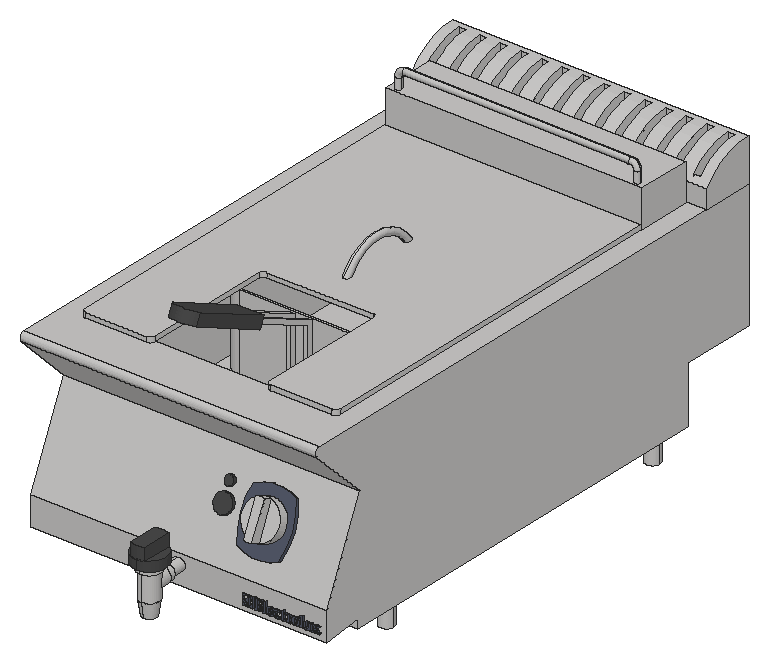
Revit family "QF_ELECTROLUXPROFESSIONAL_371079_E7FRED1E00", category Specialty Equipment, Revit 2018
Family settings
  Round Connector Dimension = Use Diameter
  Part Type = Normal
  Work Plane-Based = No
  Always vertical = Yes
  Cut with Voids When Loaded = No
  Shared = No
  Room Calculation Point = No
Parameters
  Width = 400 mm  # constant formula
  Weight in Pounds = 55  # constant formula
  Watts = 8700 VA  # 8700 W
  Volts = 400 V  # constant formula
  URL Cutsheet = "www.electrolux.com/foodservice"
  URL = "www.electrolux.com/foodservice"
  Type Mark [instance] = ""
  Status [instance] = ""
  Specification by User [instance] = ""
  Specification by Manufacturer = ""
  Show Logo [instance] = yes
  Show Clearance [instance] = yes
  Serial Number = ""
  Seismic Rating = ""
  SMACNA No = ""
  Revision Code [instance] = ""
  Phase = 3  # constant formula
  Omniclass Number and Title = ""
  Number of Poles [instance] = 1
  NAFEM Spec ID Number = ""
  Model = "371079"
  Min Ckt Ampacity = 0 A
  Max Overcurrent Protection = 0 A
  Masterspec = ""
  Manufacturer = "ELECTROLUX"
  Item Number [instance] = ""
  Installed By [instance] = ""
  Identify Quantity as Lot [instance] = yes
  Height = 333 mm  # constant formula
  HP = "11.7 HP"
  Furnished By [instance] = ""
  Foodservice Equipment Identifier [instance] = yes
  FL Amps = if(Phase = 3, Watts / (Volts * 1.73), Watts / Volts)  # 12.5723 A
  Electrical Remarks [instance] = "400 V/3N ph/50/60 Hz"  # constant formula
  Electric Connection Type [instance] = ""
  Elec Conn RI Height [instance] = 0 mm
  Elec Conn Connection Height [instance] = 0 mm
  Direct Waste Size = 0"
  Description = "700XP Electric Fryer Tops"
  Depth = 730 mm  # constant formula
  Cycle [instance] = if([60 Hertz Option], 60 Hz, 50 Hz)  # 60 Hz
  Conn Plug = ""
  Conn Conduit = yes
  CSI MasterFormat = ""
  CSI Master Format = ""
  Base Height [instance] = 25.4 mm  # constant formula
  Apparent Power = if(Phase = 3, Volts * FL Amps * 1.73, Volts * FL Amps)  # 8700 VA
  60 Hertz Option [instance] = not([50 Hertz Option])  # yes
  50 Hertz Option [instance] = no
Reference planes
  plane 1 "BACK": y = 0
  plane 2: z = 0
  plane 3 "LEFT": x = 0
  plane 4 "RIGHT": x = 400
  plane 5 "FRONT": y = -730
  plane 6 "TOP": z = 333
  plane 7 "Center Y": x = 200
  plane 8 "Center X": y = -365
  plane 9 "BASE": z = 25.4
  plane 10 "TOP A": z = 274.638
  plane 11: y = -597.884
  plane 12: y = -147.637
Forms (mm)
  Extrusion 1, solid, material "QF_Finishes_Stainless Steel"
    sketch origin (0, 0, 0) x (0, 1, 0) y (0, 0, 1)
      loop
        line (0, 274.638) -> (-725.027, 274.638)
        arc (-725.027, 274.638) -> (-730.893, 270.718) -> (-729.517, 263.797) r 6.35
        line (-729.517, 263.797) -> (-657.416, 191.447) -> (-713.522, 70.59) -> (-713.522, 32.49) -> (-660.4, 38.1) -> (-660.4, 25.4) -> (-101.6, 25.4) -> (-101.6, 103.188) -> (0, 103.188) -> (0, 274.638)
    from 0 to 400
  Extrusion 2, solid, material "QF_Finishes_Stainless Steel"
    sketch origin (0, 0, 0) x (0, 1, 0) y (0, 0, 1)
      loop
        line (0, 274.638) -> (0, 333)
        arc (0, 333) -> (-38.795, 324.72) -> (-69.85, 300.038) r 86.758
        line (-69.85, 300.038) -> (-69.85, 274.638) -> (0, 274.638)
    from 0 to 400
  Extrusion 3, void
    sketch origin (0, 0, 274.638) x (-1, 0, 0) y (0, -1, 0)
      loop
        line (-33.338, 147.762) -> (-33.338, 655.762) -> (-366.662, 655.762) -> (-366.662, 147.762) -> (-33.338, 147.762)
    from 0 to -152.4
  Extrusion 4, solid, material "QF_Finishes_Stainless Steel"
    sketch origin (0, 0, 274.638) x (-1, 0, 0) y (0, -1, 0)
      loop
        arc (-26.988, 655.762) -> (-28.847, 660.252) -> (-33.338, 662.112) r 6.35
        line (-33.338, 662.112) -> (-115.863, 662.112)
        arc (-115.863, 662.112) -> (-120.353, 660.252) -> (-122.213, 655.762) r 6.35
        line (-122.213, 655.762) -> (-122.213, 481.137)
        arc (-122.213, 481.137) -> (-124.072, 476.646) -> (-128.563, 474.787) r 6.35
        line (-128.563, 474.787) -> (-271.412, 474.787)
        arc (-271.412, 474.787) -> (-275.903, 476.646) -> (-277.762, 481.137) r 6.35
        line (-277.762, 481.137) -> (-277.762, 655.762)
        arc (-277.762, 655.762) -> (-279.622, 660.252) -> (-284.112, 662.112) r 6.35
        line (-284.112, 662.112) -> (-366.662, 662.112)
        arc (-366.662, 662.112) -> (-371.153, 660.252) -> (-373.012, 655.762) r 6.35
        line (-373.012, 655.762) -> (-373.012, 147.762) -> (-26.988, 147.762) -> (-26.988, 655.762)
    from 0 to 6.35
  Sweep 5, solid, material "QF_Finishes_Stainless Steel"
    path origin (200, 0, 0) x (0, 1, 0) y (0, 0, 1)
      loop
        arc (-323.261, 274.638) -> (-377.7, 308.416) -> (-432.139, 274.638) r 60.757
    profile origin (200, -377.7, 308.416) x (0, 0, -1) y (1, 0, 0)
      loop
        circle (0, 0) r 4.353
  Sweep 6, solid, material "QF_Finishes_Stainless Steel"
    path origin (0, 0, 0) x (1, 0, 0) y (0, 0, 1)
      loop
        line (39.688, 324.638) -> (39.688, 339.35)
        arc (39.688, 339.35) -> (41.547, 343.84) -> (46.038, 345.7) r 6.35
        line (46.038, 345.7) -> (352.25, 345.7)
        arc (352.25, 345.7) -> (356.74, 343.84) -> (358.6, 339.35) r 6.35
        line (358.6, 339.35) -> (358.6, 324.638)
    profile origin (39.688, 0, 331.994) x (-1, 0, 0) y (0, -1, 0)
      loop
        circle (2.09, 138.254) r 3.827
  Extrusion 7, void
    sketch origin (0, 0, 274.638) x (-1, 0, 0) y (0, -1, 0)
      loop
        line (-13.453, 6.761) -> (-13.453, 63.911) -> (-22.749, 63.911) -> (-22.749, 6.761) -> (-13.453, 6.761)
    from 25.4 to 63.5
  Extrusion 8, void
    sketch origin (400.05, 0, 274.638) x (1, 0, 0) y (0, 1, 0)
      loop
        line (-13.503, -6.761) -> (-22.799, -6.761) -> (-22.799, -63.911) -> (-13.503, -63.911) -> (-13.503, -6.761)
    from 25.4 to 63.5
  Extrusion 9, void
    sketch origin (27.988, 0, 274.638) x (-1, 0, 0) y (0, -1, 0)
      loop
        line (-13.453, 6.761) -> (-13.453, 63.911) -> (-22.749, 63.911) -> (-22.749, 6.761) -> (-13.453, 6.761)
    from 25.4 to 63.5
  Extrusion 10, void
    sketch origin (55.977, 0, 274.638) x (-1, 0, 0) y (0, -1, 0)
      loop
        line (-13.453, 6.761) -> (-13.453, 63.911) -> (-22.749, 63.911) -> (-22.749, 6.761) -> (-13.453, 6.761)
    from 25.4 to 63.5
  Extrusion 11, void
    sketch origin (83.965, 0, 274.638) x (-1, 0, 0) y (0, -1, 0)
      loop
        line (-13.428, 6.761) -> (-13.428, 63.911) -> (-22.724, 63.911) -> (-22.724, 6.761) -> (-13.428, 6.761)
    from 25.4 to 63.5
  Extrusion 12, void
    sketch origin (111.953, 0, 274.638) x (-1, 0, 0) y (0, -1, 0)
      loop
        line (-13.428, 6.761) -> (-13.428, 63.911) -> (-22.724, 63.911) -> (-22.724, 6.761) -> (-13.428, 6.761)
    from 25.4 to 63.5
  Extrusion 13, void
    sketch origin (139.942, 0, 274.638) x (-1, 0, 0) y (0, -1, 0)
      loop
        line (-13.428, 6.761) -> (-13.428, 63.911) -> (-22.724, 63.911) -> (-22.724, 6.761) -> (-13.428, 6.761)
    from 25.4 to 63.5
  Extrusion 14, void
    sketch origin (167.93, 0, 274.638) x (-1, 0, 0) y (0, -1, 0)
      loop
        line (-13.428, 6.761) -> (-13.428, 63.911) -> (-22.724, 63.911) -> (-22.724, 6.761) -> (-13.428, 6.761)
    from 25.4 to 63.5
  Extrusion 15, void
    sketch origin (195.918, 0, 274.638) x (-1, 0, 0) y (0, -1, 0)
      loop
        line (-13.428, 6.761) -> (-13.428, 63.911) -> (-22.724, 63.911) -> (-22.724, 6.761) -> (-13.428, 6.761)
    from 25.4 to 63.5
  Extrusion 16, void
    sketch origin (223.907, 0, 274.638) x (-1, 0, 0) y (0, -1, 0)
      loop
        line (-13.428, 6.761) -> (-13.428, 63.911) -> (-22.724, 63.911) -> (-22.724, 6.761) -> (-13.428, 6.761)
    from 25.4 to 63.5
  Extrusion 17, void
    sketch origin (251.895, 0, 274.638) x (-1, 0, 0) y (0, -1, 0)
      loop
        line (-13.428, 6.761) -> (-13.428, 63.911) -> (-22.724, 63.911) -> (-22.724, 6.761) -> (-13.428, 6.761)
    from 25.4 to 63.5
  Extrusion 18, void
    sketch origin (279.884, 0, 274.638) x (-1, 0, 0) y (0, -1, 0)
      loop
        line (-13.403, 6.761) -> (-13.403, 63.911) -> (-22.699, 63.911) -> (-22.699, 6.761) -> (-13.403, 6.761)
    from 25.4 to 63.5
  Extrusion 19, void
    sketch origin (307.872, 0, 274.638) x (-1, 0, 0) y (0, -1, 0)
      loop
        line (-13.403, 6.761) -> (-13.403, 63.911) -> (-22.699, 63.911) -> (-22.699, 6.761) -> (-13.403, 6.761)
    from 25.4 to 63.5
  Extrusion 20, void
    sketch origin (335.86, 0, 274.638) x (-1, 0, 0) y (0, -1, 0)
      loop
        line (-13.403, 6.761) -> (-13.403, 63.911) -> (-22.699, 63.911) -> (-22.699, 6.761) -> (-13.403, 6.761)
    from 25.4 to 63.5
  Extrusion 21, solid, material "QF_Finishes_Stainless Steel"
    sketch origin (0, 0, 0) x (1, 0, 0) y (0, 1, 0)
      loop
        circle (11.112, -147.638) r 9.525
      loop
        circle (11.112, -597.884) r 9.525
      loop
        circle (388.887, -147.638) r 9.525
      loop
        circle (388.887, -597.884) r 9.525
    from 0 to 25.4
  Revolve 22, solid, material "QF_Finishes_Stainless Steel"
    sketch origin (200.025, 0, 0) x (0, 1, 0) y (0, 0, 1)
      loop
        line (-762.926, 17.277) -> (-753.917, 17.277) -> (-750.301, 37.788) -> (-750.301, 74.129) -> (-747.023, 74.129) -> (-747.023, 82.008) -> (-740.673, 82.008) -> (-740.673, 94.708) -> (-762.926, 94.708) -> (-762.926, 17.277)
      axis (-762.926, 17.277) -> (-762.926, 94.708)
    angle from 0 to 360
  Revolve 23, solid, material "QF_Finishes_Stainless Steel"
    sketch origin (200.025, 0, 0) x (0, 1, 0) y (0, 0, 1)
      loop
        line (-713.522, 57.15) -> (-764.322, 57.15) -> (-764.322, 44.847) -> (-742.357, 44.847) -> (-742.357, 46.549) -> (-733.364, 46.549) -> (-733.364, 48.596) -> (-713.522, 48.596) -> (-713.522, 57.15)
      axis (-764.322, 57.15) -> (-713.522, 57.15)
    angle from 0 to 360
  Extrusion 24, solid, material "QF_Finishes_Black"
    sketch origin (200.025, -762.926, 94.708) x (0, 1, 0) y (-1, 0, 0)
      loop
        line (20.063, 9.626) -> (-20.063, 9.626)
        arc (-20.063, 9.626) -> (-22.253, 0) -> (-20.063, -9.626) r 22.253
        line (-20.063, -9.626) -> (20.063, -9.626)
        arc (20.063, -9.626) -> (22.253, 0) -> (20.063, 9.626) r 22.253
    from 0 to 16.412
  Extrusion 25, solid, material "QF_Finishes_Stainless Steel"
    sketch origin (0, -101.6, 103.188) x (0, 0, -1) y (-1, 0, 0)
      loop
        circle (43.882, -336.5) r 12.7
    from 0 to 12.7
  Extrusion 26, solid, material "QF_Finishes_Clearance", visible <- "Show Clearance", detail levels coarse
    sketch origin (0, 0, 0) x (1, 0, 0) y (0, 1, 0)
      loop
        line (0, -731.377) -> (0, 0) -> (400, 0) -> (400, -731.377) -> (550.019, -731.377) -> (550.019, 150.019) -> (-150.019, 150.019) -> (-150.019, -731.377) -> (0, -731.377)
    from 0 to 333
  Extrusion 27, solid, material "QF_Finishes_Black"
    sketch origin (265.962, -708.83, 366.66) x (0, 0.906308, -0.422618) y (-1, 0, 0)
      loop
        line (10.103, 47.345) -> (128.716, 47.345) -> (128.716, 84.58) -> (10.103, 84.58)
        arc (10.103, 84.58) -> (-0.124, 65.962) -> (10.103, 47.345) r 22.059
    from -15.884 to 0
  Extrusion 28, solid, material "QF_Finishes_Stainless Steel"
    sketch origin (265.962, 41.275, 0) x (0, 1, 0) y (0, 0, 1)
      loop
        line (-547.91, 165.638) -> (-547.91, 267.115) -> (-635.463, 307.942) -> (-638.147, 302.187) -> (-554.26, 263.07) -> (-554.26, 165.638) -> (-547.91, 165.638)
    from -80.476 to -74.619
  Extrusion 29, solid, material "QF_Finishes_Stainless Steel"
    sketch origin (134.088, 41.275, 0) x (0, 1, 0) y (0, 0, -1)
      loop
        line (-554.26, -263.07) -> (-638.147, -302.187) -> (-635.463, -307.942) -> (-547.91, -267.115) -> (-547.91, -165.638) -> (-554.26, -165.638) -> (-554.26, -263.07)
    from -80.476 to -74.619
  Extrusion 30, solid, material "QF_Finishes_Mesh"
    sketch origin (0, 0, 274.638) x (-1, 0, 0) y (0, -1, 0)
      loop
        arc (-116.6, 189.135) -> (-98.64, 196.575) -> (-91.2, 214.535) r 25.4
        line (-91.2, 214.535) -> (-91.2, 481.11)
        arc (-91.2, 481.11) -> (-98.64, 499.071) -> (-116.6, 506.51) r 25.4
        line (-116.6, 506.51) -> (-294.375, 506.51)
        arc (-294.375, 506.51) -> (-312.336, 499.071) -> (-319.775, 481.11) r 25.4
        line (-319.775, 481.11) -> (-319.775, 214.535)
        arc (-319.775, 214.535) -> (-312.336, 196.575) -> (-294.375, 189.135) r 25.4
        line (-294.375, 189.135) -> (-116.6, 189.135)
      loop
        arc (-116.6, 192.31) -> (-100.885, 198.82) -> (-94.375, 214.535) r 22.225
        line (-94.375, 214.535) -> (-94.375, 481.11)
        arc (-94.375, 481.11) -> (-100.885, 496.826) -> (-116.6, 503.335) r 22.225
        line (-116.6, 503.335) -> (-294.375, 503.335)
        arc (-294.375, 503.335) -> (-310.091, 496.826) -> (-316.6, 481.11) r 22.225
        line (-316.6, 481.11) -> (-316.6, 214.535)
        arc (-316.6, 214.535) -> (-310.091, 198.82) -> (-294.375, 192.31) r 22.225
        line (-294.375, 192.31) -> (-116.6, 192.31)
    from -109 to -5.315
  Extrusion 31, solid, material "QF_Finishes_Navy Blue", visible <- "Show Logo"
    sketch origin (0, -713.772, 32.49) x (0, 0, 1) y (-1, 0, 0)
      loop
        line (20.674, -296.698) -> (8.307, -296.698)
        arc (8.307, -296.698) -> (14.491, -301.27) -> (20.674, -296.698) r 6.467
      loop
        arc (20.674, -296.069) -> (19.505, -290.926) -> (14.849, -288.448) r 6.338
        line (14.849, -288.448) -> (14.849, -290.494)
        arc (14.849, -290.494) -> (16.333, -294.149) -> (19.778, -296.069) r 5.941
        line (19.778, -296.069) -> (20.674, -296.069)
      loop
        arc (9.203, -296.069) -> (12.648, -294.149) -> (14.132, -290.494) r 5.941
        line (14.132, -290.494) -> (14.132, -288.448)
        arc (14.132, -288.448) -> (9.438, -290.922) -> (8.148, -296.069) r 6.504
        line (8.148, -296.069) -> (9.203, -296.069)
      loop
        line (21.349, -287.979) -> (7.604, -287.979) -> (7.604, -301.742) -> (21.349, -301.742) -> (21.349, -287.979)
      loop
        arc (21.432, -304.71) -> (21.085, -304.352) -> (20.718, -304.69) r 0.358
        arc (20.718, -304.69) -> (20.404, -305.44) -> (19.687, -305.825) r 1.216
        line (19.687, -305.825) -> (9.274, -305.825)
        arc (9.274, -305.825) -> (8.614, -305.548) -> (8.218, -304.951) r 1.238
        arc (8.218, -304.951) -> (7.823, -304.7) -> (7.518, -305.054) r 0.358
        line (7.518, -305.054) -> (7.518, -314.933) -> (10.269, -314.933) -> (10.269, -314.036)
        arc (10.269, -314.036) -> (9.36, -313.456) -> (8.904, -312.479) r 1.928
        line (8.904, -312.479) -> (8.904, -309.98)
        arc (8.904, -309.98) -> (9.18, -309.251) -> (9.868, -308.887) r 1.101
        line (9.868, -308.887) -> (13.955, -308.887) -> (13.955, -312.561)
        arc (13.955, -312.561) -> (13.602, -313.058) -> (13.037, -313.286) r 1.083
        arc (13.037, -313.286) -> (12.773, -313.591) -> (13.065, -313.869) r 0.292
        line (13.065, -313.869) -> (16.028, -313.869)
        arc (16.028, -313.869) -> (16.33, -313.596) -> (16.092, -313.266) r 0.305
        arc (16.092, -313.266) -> (15.601, -313.018) -> (15.296, -312.561) r 1.083
        line (15.296, -312.561) -> (15.296, -308.887) -> (19.973, -308.887) -> (19.973, -312.635)
        arc (19.973, -312.635) -> (19.759, -313.39) -> (19.153, -313.888) r 1.314
        arc (19.153, -313.888) -> (18.934, -314.292) -> (19.288, -314.585) r 0.361
        line (19.288, -314.585) -> (21.432, -314.585) -> (21.432, -304.71)
      loop
        arc (20.715, -315.365) -> (20.335, -316.284) -> (19.416, -316.664) r 1.299
        line (19.416, -316.664) -> (9.837, -316.664)
        arc (9.837, -316.664) -> (8.999, -316.286) -> (8.728, -315.408) r 1.118
        line (8.728, -315.408) -> (7.518, -315.408) -> (7.518, -320.758) -> (8.706, -320.758)
        arc (8.706, -320.758) -> (8.978, -319.841) -> (9.848, -319.445) r 1.153
        line (9.848, -319.445) -> (21.92, -319.445) -> (20.715, -315.365)
      loop
        line (12.483, -323.394) -> (12.483, -329.842) -> (13.282, -329.842)
        arc (13.282, -329.842) -> (15.862, -328.857) -> (17.131, -326.404) r 3.874
        line (17.131, -326.404) -> (17.131, -324.643)
        arc (17.131, -324.643) -> (15.944, -321.778) -> (13.08, -320.592) r 4.051
        line (13.08, -320.592) -> (11.072, -320.592)
        arc (11.072, -320.592) -> (8.253, -322.077) -> (7.202, -325.084) r 4.352
        arc (7.202, -325.084) -> (7.566, -327.547) -> (8.943, -329.621) r 5.713
        line (8.943, -329.621) -> (9.892, -329.621)
        arc (9.892, -329.621) -> (9.16, -328.052) -> (8.943, -326.334) r 5.579
        arc (8.943, -326.334) -> (9.737, -324.371) -> (11.616, -323.394) r 3.057
        line (11.616, -323.394) -> (12.483, -323.394)
      loop
        line (13.742, -323.394) -> (13.742, -326.977)
        arc (13.742, -326.977) -> (15.199, -327.024) -> (16.082, -325.864) r 1.59
        line (16.082, -325.864) -> (16.082, -325.034)
        arc (16.082, -325.034) -> (15.217, -323.779) -> (13.742, -323.394) r 2.184
      loop
        arc (16.533, -339.259) -> (17.022, -337.585) -> (17.179, -335.848) r 9.023
        line (17.179, -335.848) -> (17.179, -334.486)
        arc (17.179, -334.486) -> (16.02, -331.686) -> (13.22, -330.527) r 3.959
        line (13.22, -330.527) -> (10.62, -330.527)
        arc (10.62, -330.527) -> (8.338, -331.819) -> (7.221, -334.192) r 4.331
        line (7.221, -334.192) -> (7.221, -336.327)
        arc (7.221, -336.327) -> (7.729, -337.877) -> (8.651, -339.223) r 5.772
        arc (8.651, -339.223) -> (9.412, -339.274) -> (9.499, -338.515) r 0.553
        arc (9.499, -338.515) -> (9.111, -337.781) -> (8.977, -336.962) r 2.573
        line (8.977, -336.962) -> (8.977, -335.447)
        arc (8.977, -335.447) -> (9.983, -333.806) -> (11.798, -333.163) r 2.884
        line (11.798, -333.163) -> (13.077, -333.163)
        arc (13.077, -333.163) -> (14.898, -333.723) -> (15.824, -335.388) r 2.554
        line (15.824, -335.388) -> (15.824, -336.441)
        arc (15.824, -336.441) -> (15.493, -337.369) -> (14.836, -338.104) r 2.564
        arc (14.836, -338.104) -> (14.614, -338.821) -> (15.223, -339.259) r 0.643
        line (15.223, -339.259) -> (16.533, -339.259)
      loop
        line (15.515, -339.53) -> (15.515, -341.031) -> (9.467, -341.031)
        arc (9.467, -341.031) -> (7.879, -341.688) -> (7.221, -343.276) r 2.246
        line (7.221, -343.276) -> (7.221, -344.86)
        arc (7.221, -344.86) -> (7.535, -345.725) -> (8.035, -346.496) r 4.06
        arc (8.035, -346.496) -> (8.768, -346.629) -> (9.019, -345.928) r 0.576
        arc (9.019, -345.928) -> (8.913, -345.403) -> (8.977, -344.87) r 1.69
        arc (8.977, -344.87) -> (9.519, -344.082) -> (10.425, -343.779) r 1.506
        line (10.425, -343.779) -> (15.563, -343.779) -> (15.563, -346.176) -> (16.119, -346.733) -> (16.941, -346.733) -> (16.941, -343.873) -> (20.172, -343.873) -> (15.515, -339.53)
      loop
        line (7.438, -347.63) -> (7.438, -353.017) -> (8.548, -353.017)
        arc (8.548, -353.017) -> (8.942, -352.066) -> (9.893, -351.672) r 1.345
        line (9.893, -351.672) -> (13.509, -351.672)
        arc (13.509, -351.672) -> (14.274, -352.264) -> (14.564, -353.186) r 1.615
        line (14.564, -353.186) -> (14.564, -354.742) -> (17.119, -355.427) -> (17.119, -354.044) -> (15.177, -351.485) -> (17.057, -351.485) -> (16.773, -348.779)
        arc (16.773, -348.779) -> (16.333, -348.249) -> (15.674, -348.45) r 0.621
        arc (15.674, -348.45) -> (15.274, -348.792) -> (14.78, -348.975) r 1.501
        line (14.78, -348.975) -> (9.893, -348.975)
        arc (9.893, -348.975) -> (8.942, -348.581) -> (8.548, -347.63) r 1.345
        line (8.548, -347.63) -> (7.438, -347.63)
      loop
        line (13.54, -354.964) -> (10.848, -354.964)
        arc (10.848, -354.964) -> (8.403, -356.272) -> (7.269, -358.803) r 4.288
        arc (7.269, -358.803) -> (7.205, -360.183) -> (7.269, -361.563) r 15.022
        arc (7.269, -361.563) -> (8.403, -364.094) -> (10.848, -365.401) r 4.288
        line (10.848, -365.401) -> (13.54, -365.401)
        arc (13.54, -365.401) -> (15.986, -364.094) -> (17.119, -361.563) r 4.288
        arc (17.119, -361.563) -> (17.183, -360.183) -> (17.119, -358.803) r 15.022
        arc (17.119, -358.803) -> (15.986, -356.272) -> (13.54, -354.964) r 4.288
      loop
        line (13.745, -358.078) -> (10.643, -358.078)
        arc (10.643, -358.078) -> (8.486, -360.235) -> (10.643, -362.392) r 2.157
        line (10.643, -362.392) -> (13.745, -362.392)
        arc (13.745, -362.392) -> (15.902, -360.235) -> (13.745, -358.078) r 2.157
      loop
        arc (20.726, -365.26) -> (20.355, -366.154) -> (19.461, -366.524) r 1.264
        line (19.461, -366.524) -> (9.597, -366.524)
        arc (9.597, -366.524) -> (8.727, -366.127) -> (8.455, -365.211) r 1.153
        line (8.455, -365.211) -> (7.518, -365.211) -> (7.518, -370.319) -> (8.446, -370.319)
        arc (8.446, -370.319) -> (8.805, -369.547) -> (9.597, -369.232) r 1.153
        line (9.597, -369.232) -> (21.92, -369.232) -> (20.726, -365.26)
      loop
        arc (15.846, -369.857) -> (15.647, -370.921) -> (14.678, -371.403) r 1.215
        line (14.678, -371.403) -> (9.658, -371.403)
        arc (9.658, -371.403) -> (8.043, -372.051) -> (7.322, -373.634) r 2.338
        line (7.322, -373.634) -> (7.322, -375.148)
        arc (7.322, -375.148) -> (7.497, -376.152) -> (7.999, -377.038) r 2.979
        line (7.999, -377.038) -> (7.518, -378.835) -> (7.518, -380.524) -> (16.943, -380.524) -> (16.649, -376.32) -> (15.863, -376.32)
        arc (15.863, -376.32) -> (15.507, -377.156) -> (14.755, -377.665) r 1.605
        line (14.755, -377.665) -> (9.652, -377.665)
        arc (9.652, -377.665) -> (9.232, -376.728) -> (9.159, -375.704) r 2.94
        arc (9.159, -375.704) -> (9.72, -374.603) -> (10.873, -374.16) r 1.724
        line (10.873, -374.16) -> (17.07, -374.16) -> (15.846, -369.857)
      loop
        line (16.874, -381.377) -> (15.202, -383.423) -> (12.028, -385.729) -> (8.572, -382.617)
        arc (8.572, -382.617) -> (8.335, -382.223) -> (8.357, -381.764) r 0.789
        line (8.357, -381.764) -> (7.518, -381.764) -> (7.518, -385.309) -> (8.344, -385.309)
        arc (8.344, -385.309) -> (8.686, -384.947) -> (9.176, -385.039) r 0.52
        line (9.176, -385.039) -> (10.976, -386.51) -> (8.858, -387.886)
        arc (8.858, -387.886) -> (8.457, -387.576) -> (8.37, -387.076) r 0.7
        line (8.37, -387.076) -> (7.518, -387.076) -> (7.518, -393.003) -> (8.405, -393.003)
        arc (8.405, -393.003) -> (8.472, -392.344) -> (8.866, -391.813) r 1.247
        line (8.866, -391.813) -> (13.066, -388.532) -> (15.513, -390.585) -> (16.874, -392.327) -> (16.874, -388.604) -> (15.389, -389.026) -> (13.868, -387.749) -> (15.568, -386.559) -> (16.874, -387.336) -> (16.874, -381.377)
    from 0 to 1.644
  Extrusion 32, solid, material "QF_Finishes_Navy Blue"
    sketch origin (460.325, -713.522, 70.59) x (0, 0.421077, 0.907025) y (-1, 0, 0)
      loop
        arc (101.077, 132.565) -> (107.792, 161.14) -> (101.077, 189.715) r 64.16
        arc (101.077, 189.715) -> (66.2, 196.736) -> (31.333, 189.671) r 89.853
        arc (31.333, 189.671) -> (24.638, 161.14) -> (31.333, 132.61) r 64.14
        arc (31.333, 132.61) -> (66.2, 125.548) -> (101.077, 132.565) r 89.894
    from 0 to 3.175
  Extrusion 33, solid, material "QF_Finishes_Stainless Steel"
    sketch origin (460.325, -716.402, 71.927) x (0, 0.421077, 0.907025) y (-1, 0, 0)
      loop
        circle (68.826, 160.963) r 25.4
    from 0 to 12.7
  Extrusion 34, solid, material "QF_Finishes_Stainless Steel"
    sketch origin (460.325, -727.921, 77.275) x (0, 0.421077, 0.907025) y (-1, 0, 0)
      loop
        line (93.558, 166.749) -> (44.094, 166.749)
        arc (44.094, 166.749) -> (43.426, 160.963) -> (44.094, 155.177) r 25.4
        line (44.094, 155.177) -> (93.558, 155.177)
        arc (93.558, 155.177) -> (94.226, 160.963) -> (93.558, 166.749) r 25.4
    from 0 to 12.7
  Extrusion 35, solid, material "QF_Finishes_Black"
    sketch origin (400, -713.522, 70.59) x (0, 0.421077, 0.907025) y (-1, 0, 0)
      loop
        circle (93.566, 160.648) r 6.35
    from 0 to 3.175
  Extrusion 36, solid, material "QF_Finishes_Black"
    sketch origin (400, -713.522, 70.59) x (0, 0.421077, 0.907025) y (-1, 0, 0)
      loop
        circle (68.272, 160.648) r 12.7
    from 0 to 3.175
  Extrusion 37, solid, material "QF_Finishes_Stainless Steel"
    sketch origin (0, -713.522, 32.49) x (0, 0, 1) y (-1, 0, 0)
      loop
        line (242.147, -26.988) -> (242.147, -373.012) -> (292.147, -373.012) -> (292.147, -26.988) -> (242.147, -26.988)
    from -641.266 to -567.467
Cuts and joins
  Extrusion 3, Extrusion 7 cuts Extrusion 1
  joined: Extrusion 4, Sweep 5
  Extrusion 7, Extrusion 8, Extrusion 9, Extrusion 10, Extrusion 11, Extrusion 12, Extrusion 13, Extrusion 14, Extrusion 15, Extrusion 16, Extrusion 17, Extrusion 18, Extrusion 19, Extrusion 20 cuts Extrusion 2
Lines and regions (mm)
  symbolic lines, style "QF-Clearances", visible <- "Show Clearance", detail levels coarse
    curve 1: line (-150.019, 150.019, 274.638) -> (-150.019, -731.377, 274.638)
    curve 2: line (550.019, 150.019, 274.638) -> (-150.019, 150.019, 274.638)
    curve 3: line (550.019, -731.377, 274.638) -> (550.019, 150.019, 274.638)
  symbolic lines
    curve 4: line (0, 0, 274.638) -> (400, 0, 274.638)
    curve 5: line (0, -730, 274.638) -> (0, 0, 274.638)
    curve 6: line (400, 0, 274.638) -> (400, -730, 274.638)
    curve 7: line (22.724, -6.761, 274.638) -> (22.724, -63.911, 274.638)
    curve 8: line (22.724, -63.911, 274.638) -> (13.428, -63.911, 274.638)
    curve 9: line (13.428, -63.911, 274.638) -> (13.428, -6.761, 274.638)
    curve 10: line (13.428, -6.761, 274.638) -> (22.724, -6.761, 274.638)
    curve 11: line (386.547, -6.761, 274.638) -> (386.547, -63.911, 274.638)
    curve 12: line (386.547, -63.911, 274.638) -> (377.251, -63.911, 274.638)
    curve 13: line (377.251, -63.911, 274.638) -> (377.251, -6.761, 274.638)
    curve 14: line (377.251, -6.761, 274.638) -> (386.547, -6.761, 274.638)
    curve 15: line (50.712, -6.761, 274.638) -> (50.712, -63.911, 274.638)
    curve 16: line (50.712, -63.911, 274.638) -> (41.416, -63.911, 274.638)
    curve 17: line (41.416, -63.911, 274.638) -> (41.416, -6.761, 274.638)
    curve 18: line (41.416, -6.761, 274.638) -> (50.712, -6.761, 274.638)
    curve 19: line (78.7, -6.761, 274.638) -> (78.7, -63.911, 274.638)
    curve 20: line (78.7, -63.911, 274.638) -> (69.405, -63.911, 274.638)
    curve 21: line (69.405, -63.911, 274.638) -> (69.405, -6.761, 274.638)
    curve 22: line (69.405, -6.761, 274.638) -> (78.7, -6.761, 274.638)
    curve 23: line (106.689, -6.761, 274.638) -> (106.689, -63.911, 274.638)
    curve 24: line (106.689, -63.911, 274.638) -> (97.393, -63.911, 274.638)
    curve 25: line (97.393, -63.911, 274.638) -> (97.393, -6.761, 274.638)
    curve 26: line (97.393, -6.761, 274.638) -> (106.689, -6.761, 274.638)
    curve 27: line (134.677, -6.761, 274.638) -> (134.677, -63.911, 274.638)
    curve 28: line (134.677, -63.911, 274.638) -> (125.381, -63.911, 274.638)
    curve 29: line (125.381, -63.911, 274.638) -> (125.381, -6.761, 274.638)
    curve 30: line (125.381, -6.761, 274.638) -> (134.677, -6.761, 274.638)
    curve 31: line (162.665, -6.761, 274.638) -> (162.665, -63.911, 274.638)
    curve 32: line (162.665, -63.911, 274.638) -> (153.37, -63.911, 274.638)
    curve 33: line (153.37, -63.911, 274.638) -> (153.37, -6.761, 274.638)
    curve 34: line (153.37, -6.761, 274.638) -> (162.665, -6.761, 274.638)
    curve 35: line (190.654, -6.761, 274.638) -> (190.654, -63.911, 274.638)
    curve 36: line (190.654, -63.911, 274.638) -> (181.358, -63.911, 274.638)
    curve 37: line (181.358, -63.911, 274.638) -> (181.358, -6.761, 274.638)
    curve 38: line (181.358, -6.761, 274.638) -> (190.654, -6.761, 274.638)
    curve 39: line (218.642, -6.761, 274.638) -> (218.642, -63.911, 274.638)
    curve 40: line (218.642, -63.911, 274.638) -> (209.346, -63.911, 274.638)
    curve 41: line (209.346, -63.911, 274.638) -> (209.346, -6.761, 274.638)
    curve 42: line (209.346, -6.761, 274.638) -> (218.642, -6.761, 274.638)
    curve 43: line (246.605, -6.761, 274.638) -> (246.605, -63.911, 274.638)
    curve 44: line (246.605, -63.911, 274.638) -> (237.31, -63.911, 274.638)
    curve 45: line (237.31, -63.911, 274.638) -> (237.31, -6.761, 274.638)
    curve 46: line (237.31, -6.761, 274.638) -> (246.605, -6.761, 274.638)
    curve 47: line (274.594, -6.761, 274.638) -> (274.594, -63.911, 274.638)
    curve 48: line (274.594, -63.911, 274.638) -> (265.298, -63.911, 274.638)
    curve 49: line (265.298, -63.911, 274.638) -> (265.298, -6.761, 274.638)
    curve 50: line (265.298, -6.761, 274.638) -> (274.594, -6.761, 274.638)
    curve 51: line (302.582, -6.761, 274.638) -> (302.582, -63.911, 274.638)
    curve 52: line (302.582, -63.911, 274.638) -> (293.286, -63.911, 274.638)
    curve 53: line (293.286, -63.911, 274.638) -> (293.286, -6.761, 274.638)
    curve 54: line (293.286, -6.761, 274.638) -> (302.582, -6.761, 274.638)
    curve 55: line (330.57, -6.761, 274.638) -> (330.57, -63.911, 274.638)
    curve 56: line (330.57, -63.911, 274.638) -> (321.275, -63.911, 274.638)
    curve 57: line (321.275, -63.911, 274.638) -> (321.275, -6.761, 274.638)
    curve 58: line (321.275, -6.761, 274.638) -> (330.57, -6.761, 274.638)
    curve 59: line (358.559, -6.761, 274.638) -> (358.559, -63.911, 274.638)
    curve 60: line (358.559, -63.911, 274.638) -> (349.263, -63.911, 274.638)
    curve 61: line (349.263, -63.911, 274.638) -> (349.263, -6.761, 274.638)
    curve 62: line (349.263, -6.761, 274.638) -> (358.559, -6.761, 274.638)
    curve 63: line (26.988, -147.762, 274.638) -> (26.988, -655.762, 274.638)
    curve 64: arc (26.988, -655.762, 274.638) -> (28.847, -660.252, 274.638) -> (33.338, -662.112, 274.638) r 6.35
    curve 65: line (33.338, -662.112, 274.638) -> (115.863, -662.112, 274.638)
    curve 66: arc (115.863, -662.112, 274.638) -> (120.353, -660.252, 274.638) -> (122.213, -655.762, 274.638) r 6.35
    curve 67: line (122.213, -655.762, 274.638) -> (122.213, -481.012, 274.638)
    curve 68: arc (122.213, -481.012, 274.638) -> (124.072, -476.521, 274.638) -> (128.563, -474.662, 274.638) r 6.35
    curve 69: line (128.563, -474.662, 274.638) -> (271.412, -474.662, 274.638)
    curve 70: arc (271.412, -474.662, 274.638) -> (275.903, -476.521, 274.638) -> (277.762, -481.012, 274.638) r 6.35
    curve 71: line (277.762, -481.012, 274.638) -> (277.762, -655.762, 274.638)
    curve 72: arc (277.762, -655.762, 274.638) -> (279.622, -660.252, 274.638) -> (284.112, -662.112, 274.638) r 6.35
    curve 73: line (284.112, -662.112, 274.638) -> (366.662, -662.112, 274.638)
    curve 74: arc (366.662, -662.112, 274.638) -> (371.153, -660.252, 274.638) -> (373.012, -655.762, 274.638) r 6.35
    curve 75: line (373.012, -655.762, 274.638) -> (373.012, -147.762, 274.638)
    curve 76: line (373.012, -147.762, 274.638) -> (26.988, -147.762, 274.638)
    curve 77: line (31.725, -69.85, 274.638) -> (0, -69.85, 274.638)
    curve 78: line (0, -69.85, 274.638) -> (0, -120.65, 274.638)
    curve 79: line (0, -69.85, 274.638) -> (400, -69.85, 274.638)
    curve 80: line (218.617, -706.386, 274.638) -> (218.617, -592.174, 274.638)
    curve 81: line (181.383, -592.174, 274.638) -> (181.383, -706.386, 274.638)
    curve 82: line (218.617, -592.174, 274.638) -> (181.383, -592.174, 274.638)
    curve 83: spline (218.617, -706.386, 274.638) -> (216.385, -709.048, 274.638) -> (213.694, -711.336, 274.638) -> (210.621, -713.185, 274.638) -> (207.25, -714.544, 274.638) -> (203.676, -715.375, 274.638) -> (200, -715.655, 274.638) -> (196.324, -715.375, 274.638) -> (192.75, -714.544, 274.638) -> (189.379, -713.185, 274.638) -> (186.306, -711.336, 274.638) -> (183.615, -709.048, 274.638) -> (181.383, -706.386, 274.638)
    curve 84: line (218.617, -655.762, 274.638) -> (277.762, -655.762, 274.638)
    curve 85: line (181.383, -655.762, 274.638) -> (122.213, -655.762, 274.638)
    curve 86: line (191.318, -506.51, 274.638) -> (191.318, -592.174, 274.638)
    curve 87: line (185.462, -592.174, 274.638) -> (185.462, -506.51, 274.638)
    curve 88: line (214.538, -506.51, 274.638) -> (214.538, -592.174, 274.638)
    curve 89: line (208.682, -592.174, 274.638) -> (208.682, -506.51, 274.638)
    curve 90: spline (181.383, -699.673, 274.638) -> (183.615, -702.336, 274.638) -> (186.306, -704.623, 274.638) -> (189.379, -706.473, 274.638) -> (192.75, -707.832, 274.638) -> (196.324, -708.663, 274.638) -> (200, -708.942, 274.638) -> (203.676, -708.663, 274.638) -> (207.25, -707.832, 274.638) -> (210.621, -706.473, 274.638) -> (213.694, -704.623, 274.638) -> (216.385, -702.336, 274.638) -> (218.617, -699.673, 274.638)
    curve 91: line (195.545, -428.432, 274.638) -> (195.545, -326.969, 274.638)
    curve 92: line (204.443, -326.969, 274.638) -> (204.443, -428.432, 274.638)
    curve 93: arc (195.545, -428.432, 274.638) -> (199.994, -432.882, 274.638) -> (204.443, -428.432, 274.638) r 4.449
    curve 94: arc (195.545, -326.969, 274.638) -> (199.994, -322.52, 274.638) -> (204.443, -326.969, 274.638) r 4.449
    curve 95: line (400, -730, 274.638) -> (0, -730, 274.638)
    curve 96: line (37.699, -134.427, 274.638) -> (362.301, -134.427, 274.638)
    curve 97: line (362.301, -142.082, 274.638) -> (37.699, -142.082, 274.638)
    curve 98: line (122.213, -506.51, 274.638) -> (277.762, -506.51, 274.638)
    curve 99: line (122.213, -503.335, 274.638) -> (277.762, -503.335, 274.638)
    curve 100: arc (200, -785.179, 274.638) -> (222.253, -762.926, 274.638) -> (200, -740.673, 274.638) r 22.253
    curve 101: arc (200, -740.673, 274.638) -> (177.747, -762.926, 274.638) -> (200, -785.179, 274.638) r 22.253
    curve 102: line (190.374, -742.863, 274.638) -> (190.374, -782.989, 274.638)
    curve 103: line (209.626, -782.989, 274.638) -> (209.626, -742.863, 274.638)
    curve 104: line (210.947, -743.552, 274.638) -> (210.947, -730, 274.638)
    curve 105: line (189.208, -743.465, 274.638) -> (189.208, -730, 274.638)
    curve 106: arc (37.699, -142.082, 274.638) -> (33.871, -138.254, 274.638) -> (37.699, -134.427, 274.638) r 3.827
    curve 107: arc (362.301, -142.082, 274.638) -> (366.129, -138.254, 274.638) -> (362.301, -134.427, 274.638) r 3.827
    curve 108: line (26.988, -146.055, 274.638) -> (26.988, -72.256, 274.638)
    curve 109: line (26.988, -72.256, 274.638) -> (373.012, -72.256, 274.638)
    curve 110: line (373.012, -72.256, 274.638) -> (373.012, -146.055, 274.638)
    curve 111: line (373.012, -146.055, 274.638) -> (26.988, -146.055, 274.638)
    curve 112: line (26.988, -116.927, 274.638) -> (0, -116.927, 274.638)
    curve 113: line (373.012, -116.927, 274.638) -> (400, -116.927, 274.638)
Dimensions and locks
  equal spacing: plane 3 "LEFT", plane 7 "Center Y", plane 4 "RIGHT"
  "Width": plane 3 "LEFT" to plane 4 "RIGHT"
  equal spacing: plane 5 "FRONT", plane 8 "Center X", plane 1 "BACK"
  "Depth": plane 5 "FRONT" to plane 1 "BACK"
  "Height": plane 6 "TOP" to level
  "Base Height": plane 9 "BASE" to level
  plane 1 "BACK" to plane 5 "FRONT" = 730 mm
  aligned and locked: level to plane 2
  aligned and locked: plane 4 "RIGHT" to Extrusion 1
  aligned and locked: plane 4 "RIGHT" to Extrusion 2
  aligned and locked: plane 9 "BASE" to Extrusion 21
  aligned and locked: plane 6 "TOP" to Extrusion 26
Automatic sketch dimensions
  Sweep 5 sketch curve to plane 10 "TOP A" = 0 mm  (x2)
  Sweep 5 sketch curve to plane 8 "Center X" = 67.139 mm
  Sweep 5 sketch curve to plane 8 "Center X" = 12.7 mm
  Sweep 5 sketch curve to plane 10 "TOP A" = 26.978 mm
  Sweep 5 sketch curve to plane 7 "Center Y" = 0 mm
  Sweep 5 sketch curve to profile plane = 0 mm
  plane 1 "BACK" to Extrusion 7 sketch curve = 6.761 mm
  plane 3 "LEFT" to Extrusion 7 sketch curve = 22.749 mm
  Extrusion 7 sketch curve to Extrusion 7 sketch curve = 9.296 mm
  Extrusion 7 sketch curve to Extrusion 7 sketch curve = 57.15 mm
  plane 1 "BACK" to Extrusion 9 sketch curve = 6.761 mm
  plane 3 "LEFT" to Extrusion 9 sketch curve = 50.737 mm
  Extrusion 9 sketch curve to Extrusion 9 sketch curve = 9.296 mm
  Extrusion 9 sketch curve to Extrusion 9 sketch curve = 57.15 mm
  plane 1 "BACK" to Extrusion 10 sketch curve = 6.761 mm
  plane 3 "LEFT" to Extrusion 10 sketch curve = 78.725 mm
  Extrusion 10 sketch curve to Extrusion 10 sketch curve = 9.296 mm
  Extrusion 10 sketch curve to Extrusion 10 sketch curve = 57.15 mm
  plane 1 "BACK" to Extrusion 11 sketch curve = 6.761 mm
  Extrusion 11 sketch curve to plane 7 "Center Y" = 93.311 mm
  Extrusion 11 sketch curve to Extrusion 11 sketch curve = 9.296 mm
  Extrusion 11 sketch curve to Extrusion 11 sketch curve = 57.15 mm
  plane 1 "BACK" to Extrusion 12 sketch curve = 6.761 mm
  Extrusion 12 sketch curve to plane 7 "Center Y" = 65.323 mm
  Extrusion 12 sketch curve to Extrusion 12 sketch curve = 9.296 mm
  Extrusion 12 sketch curve to Extrusion 12 sketch curve = 57.15 mm
  plane 1 "BACK" to Extrusion 13 sketch curve = 6.761 mm
  Extrusion 13 sketch curve to plane 7 "Center Y" = 37.335 mm
  Extrusion 13 sketch curve to Extrusion 13 sketch curve = 9.296 mm
  Extrusion 13 sketch curve to Extrusion 13 sketch curve = 57.15 mm
  Extrusion 14 sketch curve to plane 7 "Center Y" = 9.346 mm
  Extrusion 14 sketch curve to Extrusion 14 sketch curve = 9.296 mm
  plane 1 "BACK" to Extrusion 14 sketch curve = 6.761 mm
  Extrusion 14 sketch curve to Extrusion 14 sketch curve = 57.15 mm
  plane 1 "BACK" to Extrusion 15 sketch curve = 6.761 mm
  plane 7 "Center Y" to Extrusion 15 sketch curve = 18.642 mm
  Extrusion 15 sketch curve to Extrusion 15 sketch curve = 9.296 mm
  Extrusion 15 sketch curve to Extrusion 15 sketch curve = 57.15 mm
  plane 1 "BACK" to Extrusion 16 sketch curve = 6.761 mm
  plane 7 "Center Y" to Extrusion 16 sketch curve = 46.63 mm
  Extrusion 16 sketch curve to Extrusion 16 sketch curve = 9.296 mm
  Extrusion 16 sketch curve to Extrusion 16 sketch curve = 57.15 mm
  plane 1 "BACK" to Extrusion 17 sketch curve = 6.761 mm
  plane 7 "Center Y" to Extrusion 17 sketch curve = 74.619 mm
  Extrusion 17 sketch curve to Extrusion 17 sketch curve = 9.296 mm
  Extrusion 17 sketch curve to Extrusion 17 sketch curve = 57.15 mm
  Extrusion 27 sketch curve to plane 7 "Center Y" = 0 mm
  plane 7 "Center Y" to Extrusion 27 sketch curve = 18.617 mm
  Extrusion 27 sketch curve to plane 7 "Center Y" = 18.617 mm
  Extrusion 27 sketch curve to Extrusion 27 sketch curve = 11.832 mm
  Extrusion 27 sketch curve to Extrusion 27 sketch curve = 106.78 mm
  Extrusion 28 sketch curve to plane 11 = 1.013 mm
  Extrusion 28 sketch curve to plane 11 = 3.696 mm
  Extrusion 28 sketch curve to plane 10 "TOP A" = 11.567 mm
  Extrusion 28 sketch curve to plane 11 = 84.899 mm
  Extrusion 28 sketch curve to plane 10 "TOP A" = 7.522 mm
  Extrusion 28 sketch curve to Extrusion 28 sketch curve = 6.35 mm
  Extrusion 28 sketch curve to Extrusion 28 sketch curve = 97.432 mm
  Extrusion 29 sketch curve to plane 11 = 1.013 mm
  Extrusion 29 sketch curve to plane 11 = 3.696 mm
  Extrusion 29 sketch curve to plane 10 "TOP A" = 11.567 mm
  Extrusion 29 sketch curve to plane 11 = 84.899 mm
  Extrusion 29 sketch curve to Extrusion 29 sketch curve = 6.35 mm
  Extrusion 29 sketch curve to plane 10 "TOP A" = 7.522 mm
  Extrusion 29 sketch curve to Extrusion 29 sketch curve = 97.432 mm
  Extrusion 34 sketch curve to Extrusion 34 sketch curve = 24.732 mm
  Extrusion 34 sketch curve to Extrusion 34 sketch curve = 0 mm
  plane 7 "Center Y" to Extrusion 35 sketch curve = 39.352 mm
  plane 7 "Center Y" to Extrusion 36 sketch curve = 39.352 mm
  Extrusion 1 sketch curve to plane 10 "TOP A" = 0 mm
  Extrusion 1 sketch curve to plane 9 "BASE" = 0 mm
  Extrusion 1 sketch curve to plane 1 "BACK" = 0 mm
  Extrusion 1 sketch curve to plane 12 = 46.037 mm
  plane 11 to Extrusion 1 sketch curve = 59.531 mm
  plane 9 "BASE" to Extrusion 1 sketch curve = 12.7 mm
  plane 11 to Extrusion 1 sketch curve = 62.516 mm
  Extrusion 1 sketch curve to plane 5 "FRONT" = 16.478 mm
  Extrusion 1 sketch curve to plane 5 "FRONT" = 4.973 mm
  Extrusion 1 sketch curve to plane 5 "FRONT" = 0.483 mm
  plane 9 "BASE" to Extrusion 1 sketch curve = 7.09 mm
  Extrusion 1 sketch curve to Extrusion 1 sketch curve = 38.1 mm
  plane 9 "BASE" to Extrusion 1 sketch curve = 77.788 mm
  Extrusion 1 sketch curve to plane 10 "TOP A" = 83.191 mm
  Extrusion 1 sketch curve to plane 10 "TOP A" = 10.84 mm
  Extrusion 2 sketch curve to plane 10 "TOP A" = 0 mm
  Extrusion 2 sketch curve to plane 1 "BACK" = 0 mm
  Extrusion 2 sketch curve to plane 6 "TOP" = 0 mm
  plane 1 "BACK" to Extrusion 2 sketch curve = 1.769 mm
  plane 10 "TOP A" to Extrusion 2 sketch curve = 25.4 mm
  plane 1 "BACK" to Extrusion 2 sketch curve = 69.85 mm
  plane 12 to Extrusion 3 sketch curve = 0.124 mm
  Extrusion 3 sketch curve to plane 4 "RIGHT" = 33.338 mm
  plane 3 "LEFT" to Extrusion 3 sketch curve = 33.338 mm
  plane 11 to Extrusion 3 sketch curve = 57.877 mm
  plane 12 to Extrusion 4 sketch curve = 0.124 mm
  Extrusion 4 sketch curve to plane 4 "RIGHT" = 26.988 mm
  Extrusion 4 sketch curve to Extrusion 4 sketch curve = 6.35 mm  (x3)
  Extrusion 4 sketch curve to Extrusion 4 sketch curve = 82.55 mm
  plane 7 "Center Y" to Extrusion 4 sketch curve = 77.762 mm
  Extrusion 4 sketch curve to plane 7 "Center Y" = 71.437 mm
  Extrusion 4 sketch curve to plane 7 "Center Y" = 77.787 mm
  plane 3 "LEFT" to Extrusion 4 sketch curve = 33.338 mm
  plane 3 "LEFT" to Extrusion 4 sketch curve = 26.988 mm
  Extrusion 4 sketch curve to plane 8 "Center X" = 109.787 mm
  plane 11 to Extrusion 4 sketch curve = 57.877 mm  (x2)
  plane 6 "TOP" to Sweep 6 sketch curve = 6.35 mm  (x2)
  plane 3 "LEFT" to Sweep 6 sketch curve = 39.688 mm
  Sweep 6 sketch curve to Sweep 6 sketch curve = 6.35 mm
  Sweep 6 sketch curve to plane 4 "RIGHT" = 47.75 mm
  Sweep 6 sketch curve to plane 6 "TOP" = 8.362 mm  (x2)
  Sweep 6 sketch curve to profile plane = 2.09 mm
  plane 1 "BACK" to Sweep 6 sketch curve = 138.254 mm
  Extrusion 8 sketch curve to plane 1 "BACK" = 6.761 mm
  plane 4 "RIGHT" to Extrusion 8 sketch curve = 22.749 mm
  Extrusion 8 sketch curve to Extrusion 8 sketch curve = 9.296 mm
  Extrusion 8 sketch curve to Extrusion 8 sketch curve = 57.15 mm
  plane 1 "BACK" to Extrusion 18 sketch curve = 6.761 mm
  Extrusion 18 sketch curve to plane 4 "RIGHT" = 97.418 mm
  Extrusion 18 sketch curve to Extrusion 18 sketch curve = 9.296 mm
  Extrusion 18 sketch curve to Extrusion 18 sketch curve = 57.15 mm
  plane 1 "BACK" to Extrusion 19 sketch curve = 6.761 mm
  Extrusion 19 sketch curve to plane 4 "RIGHT" = 69.43 mm
  Extrusion 19 sketch curve to Extrusion 19 sketch curve = 9.296 mm
  Extrusion 19 sketch curve to Extrusion 19 sketch curve = 57.15 mm
  plane 1 "BACK" to Extrusion 20 sketch curve = 6.761 mm
  Extrusion 20 sketch curve to plane 4 "RIGHT" = 41.441 mm
  Extrusion 20 sketch curve to Extrusion 20 sketch curve = 9.296 mm
  Extrusion 20 sketch curve to Extrusion 20 sketch curve = 57.15 mm
  plane 11 to Extrusion 21 sketch curve = 0 mm  (x2)
  plane 12 to Extrusion 21 sketch curve = 0 mm  (x2)
  plane 3 "LEFT" to Extrusion 21 sketch curve = 11.112 mm  (x2)
  Extrusion 21 sketch curve to plane 4 "RIGHT" = 11.113 mm  (x2)
  Revolve 22 sketch curve to plane 9 "BASE" = 8.123 mm
  plane 5 "FRONT" to Revolve 22 sketch curve = 32.926 mm
  Revolve 22 sketch curve to Revolve 22 sketch curve = 0 mm
  Revolve 22 sketch curve to Revolve 22 sketch curve = 9.009 mm
  plane 5 "FRONT" to Revolve 22 sketch curve = 20.301 mm
  Revolve 22 sketch curve to Revolve 22 sketch curve = 3.277 mm
  Revolve 22 sketch curve to Revolve 22 sketch curve = 6.35 mm
  plane 9 "BASE" to Revolve 22 sketch curve = 12.388 mm
  Revolve 22 sketch curve to Revolve 22 sketch curve = 36.341 mm
  Revolve 22 sketch curve to Revolve 22 sketch curve = 7.879 mm
  Revolve 22 sketch curve to Revolve 22 sketch curve = 12.7 mm  (x2)
  Revolve 22 sketch curve to Revolve 22 sketch curve = 15.064 mm
  plane 5 "FRONT" to Revolve 23 sketch curve = 34.322 mm
  plane 5 "FRONT" to Revolve 23 sketch curve = 12.357 mm
  plane 5 "FRONT" to Revolve 23 sketch curve = 3.364 mm
  Revolve 23 sketch curve to plane 5 "FRONT" = 16.478 mm
  Revolve 23 sketch curve to Revolve 23 sketch curve = 0 mm  (x2)
  Revolve 23 sketch curve to Revolve 23 sketch curve = 9.137 mm
  plane 9 "BASE" to Revolve 23 sketch curve = 19.447 mm
  Revolve 23 sketch curve to Revolve 23 sketch curve = 1.702 mm
  Revolve 23 sketch curve to Revolve 23 sketch curve = 2.047 mm
  Revolve 23 sketch curve to Revolve 23 sketch curve = 12.303 mm
  Extrusion 24 sketch curve to Revolve 22 = 9.626 mm
  Revolve 22 to Extrusion 24 sketch curve = 9.626 mm
  Extrusion 24 sketch curve to Extrusion 24 sketch curve = 0 mm
  Extrusion 1 to Extrusion 25 sketch curve = 33.906 mm
  Extrusion 1 to Extrusion 25 sketch curve = 63.5 mm
  plane 1 "BACK" to Extrusion 26 sketch curve = 0 mm
  Extrusion 26 sketch curve to plane 3 "LEFT" = 0 mm
  Extrusion 26 sketch curve to plane 4 "RIGHT" = 0 mm
  Extrusion 26 sketch curve to plane 3 "LEFT" = 150.019 mm
  plane 5 "FRONT" to Extrusion 26 sketch curve = 1.377 mm  (x2)
  plane 4 "RIGHT" to Extrusion 26 sketch curve = 150.019 mm
  Extrusion 26 sketch curve to plane 1 "BACK" = 150.019 mm
  curve 95 to plane 4 "RIGHT" = 0 mm
  plane 5 "FRONT" to curve 104 = 0 mm
  curve 100 to plane 7 "Center Y" = 0 mm
  curve 83 to plane 7 "Center Y" = 0 mm
  curve 90 to plane 7 "Center Y" = 0 mm
  curve 95 to plane 3 "LEFT" = 0 mm
  curve 78 to plane 3 "LEFT" = 0 mm
  plane 1 "BACK" to curve 5 = 0 mm
  plane 4 "RIGHT" to curve 3 = 150.019 mm
  curve 14 to plane 4 "RIGHT" = 13.453 mm
  curve 11 to curve 14 = 9.296 mm
  plane 12 to curve 76 = 0.124 mm
  curve 76 to plane 4 "RIGHT" = 26.988 mm
  curve 113 to curve 113 = 26.988 mm
  curve 74 to curve 74 = 6.35 mm
  plane 1 "BACK" to curve 62 = 6.761 mm
  curve 13 to curve 62 = 18.693 mm
  curve 59 to curve 60 = 9.296 mm
  curve 60 to curve 55 = 18.693 mm
  curve 55 to curve 58 = 9.296 mm
  curve 56 to curve 51 = 18.693 mm
  curve 51 to curve 54 = 9.296 mm
  curve 74 to curve 72 = 82.55 mm
  plane 7 "Center Y" to curve 99 = 77.762 mm
  curve 52 to curve 47 = 18.693 mm
  curve 70 to curve 70 = 6.35 mm
  curve 47 to curve 49 = 9.296 mm
  curve 48 to curve 43 = 18.693 mm
  curve 43 to curve 45 = 9.296 mm
  plane 7 "Center Y" to curve 90 = 22.059 mm
  curve 83 to curve 90 = 0 mm
  plane 7 "Center Y" to curve 39 = 18.642 mm
  curve 83 to curve 83 = 3.442 mm
  curve 80 to curve 88 = 4.079 mm
  plane 7 "Center Y" to curve 104 = 10.947 mm
  curve 104 to curve 103 = 1.321 mm
  curve 39 to curve 40 = 9.296 mm
  curve 88 to curve 89 = 5.857 mm
  plane 7 "Center Y" to curve 93 = 4.443 mm
  curve 93 to plane 7 "Center Y" = 0.006 mm
  curve 86 to plane 7 "Center Y" = 8.682 mm
  curve 35 to plane 7 "Center Y" = 9.346 mm
  curve 102 to plane 7 "Center Y" = 9.626 mm
  curve 105 to plane 7 "Center Y" = 10.792 mm
  curve 86 to curve 87 = 5.857 mm
  curve 87 to curve 82 = 4.079 mm
  curve 35 to curve 38 = 9.296 mm
  plane 1 "BACK" to curve 34 = 6.761 mm
  curve 37 to curve 34 = 18.693 mm
  curve 31 to curve 33 = 9.296 mm
  curve 32 to curve 27 = 18.693 mm
  curve 87 to curve 68 = 56.899 mm
  curve 27 to curve 29 = 9.296 mm
  curve 68 to curve 98 = 6.35 mm
  curve 67 to curve 65 = 6.35 mm
  curve 28 to curve 23 = 18.693 mm
  curve 23 to curve 25 = 9.296 mm
  curve 24 to curve 20 = 18.693 mm
  curve 19 to curve 22 = 9.296 mm
  curve 20 to curve 15 = 18.693 mm
  curve 15 to curve 17 = 9.296 mm
  curve 106 to plane 12 = 5.556 mm
  plane 3 "LEFT" to curve 106 = 37.699 mm
  plane 3 "LEFT" to curve 64 = 33.338 mm
  curve 16 to curve 77 = 9.691 mm
  curve 96 to curve 112 = 10.711 mm
  plane 1 "BACK" to curve 7 = 6.761 mm
  curve 17 to curve 7 = 18.693 mm
  curve 7 to curve 8 = 9.296 mm
  plane 5 "FRONT" to curve 1 = 1.377 mm
  curve 1 to plane 3 "LEFT" = 150.019 mm
  curve 2 to plane 1 "BACK" = 150.019 mm
  plane 1 "BACK" to curve 58 = 6.761 mm
  plane 1 "BACK" to curve 11 = 6.761 mm
  plane 1 "BACK" to curve 54 = 6.761 mm
  plane 1 "BACK" to curve 15 = 6.761 mm
  plane 1 "BACK" to curve 50 = 6.761 mm
  plane 1 "BACK" to curve 19 = 6.761 mm
  plane 1 "BACK" to curve 46 = 6.761 mm
  plane 1 "BACK" to curve 23 = 6.761 mm
  plane 1 "BACK" to curve 42 = 6.761 mm
  plane 1 "BACK" to curve 27 = 6.761 mm
  plane 1 "BACK" to curve 38 = 6.761 mm
  curve 33 to curve 33 = 57.15 mm
  curve 29 to curve 32 = 0 mm
  curve 31 to curve 35 = 0 mm
  curve 25 to curve 28 = 0 mm
  curve 35 to curve 39 = 0 mm
  curve 21 to curve 24 = 0 mm
  curve 39 to curve 43 = 0 mm
  curve 17 to curve 20 = 0 mm
  curve 43 to curve 47 = 0 mm
  curve 13 to curve 13 = 57.15 mm
  curve 47 to curve 51 = 0 mm
  curve 9 to curve 16 = 0 mm
  curve 51 to curve 55 = 0 mm
  curve 55 to curve 61 = 0 mm
  curve 7 to curve 77 = 5.939 mm
  curve 11 to curve 79 = 5.939 mm
  curve 77 to curve 108 = 2.406 mm
  curve 112 to plane 12 = 30.711 mm
  curve 113 to curve 107 = 25.155 mm
  curve 112 to curve 78 = 3.723 mm
  curve 96 to curve 97 = 7.655 mm
  curve 108 to plane 12 = 1.582 mm
  plane 8 "Center X" to curve 94 = 38.031 mm
  curve 93 to plane 8 "Center X" = 63.432 mm
  curve 91 to curve 69 = 46.229 mm
  curve 67 to curve 99 = 22.324 mm
  curve 99 to curve 98 = 3.175 mm
  curve 87 to plane 11 = 5.711 mm
  plane 11 to curve 72 = 57.877 mm
  plane 11 to curve 63 = 57.877 mm
  curve 85 to curve 90 = 33.188 mm
  curve 90 to curve 83 = 6.713 mm  (x2)
  curve 83 to curve 90 = 4.011 mm
  plane 5 "FRONT" to curve 3 = 1.377 mm
  plane 5 "FRONT" to curve 101 = 10.673 mm
  curve 101 to curve 102 = 2.19 mm
  Extrusion 30 sketch curve to Extrusion 30 sketch curve = 0 mm  (x8)
  Extrusion 30 sketch curve to plane 4 "RIGHT" = 80.225 mm
  Extrusion 30 sketch curve to Extrusion 30 sketch curve = 3.175 mm
  Extrusion 30 sketch curve to Extrusion 30 sketch curve = 22.225 mm  (x3)
  plane 12 to Extrusion 30 sketch curve = 44.673 mm
  Extrusion 30 sketch curve to plane 7 "Center Y" = 83.4 mm  (x2)
  Extrusion 30 sketch curve to plane 8 "Center X" = 116.11 mm
  plane 9 "BASE" to Extrusion 31 sketch curve = 9.251 mm
  plane 9 "BASE" to Extrusion 31 sketch curve = 14.292 mm
  plane 9 "BASE" to Extrusion 31 sketch curve = 14.311 mm
  Extrusion 31 sketch curve to Extrusion 31 sketch curve = 0 mm  (x28)
  Extrusion 31 sketch curve to Extrusion 31 sketch curve = 5.108 mm  (x2)
  Extrusion 31 sketch curve to Extrusion 31 sketch curve = 0.054 mm
  Extrusion 31 sketch curve to Extrusion 31 sketch curve = 0.218 mm
  Extrusion 31 sketch curve to Extrusion 31 sketch curve = 0.195 mm
  Extrusion 31 sketch curve to Extrusion 31 sketch curve = 0.249 mm
  plane 9 "BASE" to Extrusion 31 sketch curve = 14.608 mm
  Extrusion 31 sketch curve to Extrusion 31 sketch curve = 0.087 mm
  Extrusion 31 sketch curve to Extrusion 31 sketch curve = 0.358 mm
  Extrusion 31 sketch curve to Extrusion 31 sketch curve = 0.481 mm
  Extrusion 31 sketch curve to Extrusion 31 sketch curve = 0.597 mm
  Extrusion 31 sketch curve to Extrusion 31 sketch curve = 0.544 mm
  Extrusion 31 sketch curve to Extrusion 31 sketch curve = 0.936 mm
  Extrusion 31 sketch curve to Extrusion 31 sketch curve = 0.594 mm
  Extrusion 31 sketch curve to Extrusion 31 sketch curve = 0.343 mm
  Extrusion 31 sketch curve to Extrusion 31 sketch curve = 0.159 mm
  Extrusion 31 sketch curve to Extrusion 31 sketch curve = 0.826 mm
  Extrusion 31 sketch curve to Extrusion 31 sketch curve = 0.839 mm
  Extrusion 31 sketch curve to Extrusion 31 sketch curve = 0.852 mm
  Extrusion 31 sketch curve to Extrusion 31 sketch curve = 0.887 mm
  Extrusion 31 sketch curve to Extrusion 31 sketch curve = 0.928 mm
  Extrusion 31 sketch curve to Extrusion 31 sketch curve = 0.938 mm
  Extrusion 31 sketch curve to Extrusion 31 sketch curve = 0.444 mm
  Extrusion 31 sketch curve to Extrusion 31 sketch curve = 1.11 mm  (x3)
  Extrusion 31 sketch curve to Extrusion 31 sketch curve = 0.215 mm
  Extrusion 31 sketch curve to Extrusion 31 sketch curve = 1.43 mm
  Extrusion 31 sketch curve to Extrusion 31 sketch curve = 1.188 mm
  Extrusion 31 sketch curve to Extrusion 31 sketch curve = 1.21 mm  (x2)
  Extrusion 31 sketch curve to Extrusion 31 sketch curve = 0.503 mm
  Extrusion 31 sketch curve to Extrusion 31 sketch curve = 0.488 mm
  Extrusion 31 sketch curve to plane 4 "RIGHT" = 8.187 mm
  Extrusion 31 sketch curve to Extrusion 31 sketch curve = 0.462 mm
  Extrusion 31 sketch curve to Extrusion 31 sketch curve = 1.386 mm
  Extrusion 31 sketch curve to Extrusion 31 sketch curve = 1.742 mm
  Extrusion 31 sketch curve to Extrusion 31 sketch curve = 0.821 mm
  Extrusion 31 sketch curve to Extrusion 31 sketch curve = 0.497 mm
  Extrusion 31 sketch curve to Extrusion 31 sketch curve = 0.539 mm
  Extrusion 31 sketch curve to Extrusion 31 sketch curve = 0.686 mm
  Extrusion 31 sketch curve to Extrusion 31 sketch curve = 0.408 mm
  Extrusion 31 sketch curve to Extrusion 31 sketch curve = 0.743 mm
  Extrusion 31 sketch curve to Extrusion 31 sketch curve = 1.16 mm
  Extrusion 31 sketch curve to Extrusion 31 sketch curve = 0.329 mm
  Extrusion 31 sketch curve to Extrusion 31 sketch curve = 1.054 mm
  Extrusion 31 sketch curve to Extrusion 31 sketch curve = 1.056 mm
  Extrusion 31 sketch curve to Extrusion 31 sketch curve = 0.129 mm
  Extrusion 31 sketch curve to Extrusion 31 sketch curve = 0.489 mm
  Extrusion 31 sketch curve to Extrusion 31 sketch curve = 0.441 mm
  Extrusion 31 sketch curve to Extrusion 31 sketch curve = 1.151 mm
  Extrusion 31 sketch curve to Extrusion 31 sketch curve = 1.141 mm  (x2)
  Extrusion 31 sketch curve to Extrusion 31 sketch curve = 0.768 mm
  Extrusion 31 sketch curve to Extrusion 31 sketch curve = 1.653 mm
  Extrusion 31 sketch curve to Extrusion 31 sketch curve = 0.499 mm
  Extrusion 31 sketch curve to Extrusion 31 sketch curve = 0.964 mm
  Extrusion 31 sketch curve to Extrusion 31 sketch curve = 0.949 mm
  Extrusion 31 sketch curve to Extrusion 31 sketch curve = 1.345 mm  (x3)
  Extrusion 31 sketch curve to Extrusion 31 sketch curve = 1.101 mm
  Extrusion 31 sketch curve to Extrusion 31 sketch curve = 0.432 mm
  Extrusion 31 sketch curve to Extrusion 31 sketch curve = 1.142 mm
  Extrusion 31 sketch curve to Extrusion 31 sketch curve = 0.959 mm
  Extrusion 31 sketch curve to Extrusion 31 sketch curve = 0.176 mm
  Extrusion 31 sketch curve to Extrusion 31 sketch curve = 0.728 mm
  Extrusion 31 sketch curve to Extrusion 31 sketch curve = 3.375 mm  (x2)
  Extrusion 31 sketch curve to Extrusion 31 sketch curve = 0.541 mm
  Extrusion 31 sketch curve to Extrusion 31 sketch curve = 0.955 mm
  Extrusion 31 sketch curve to Extrusion 31 sketch curve = 1.251 mm
  Extrusion 31 sketch curve to Extrusion 31 sketch curve = 0.572 mm
  Extrusion 31 sketch curve to Extrusion 31 sketch curve = 1.92 mm
  Extrusion 31 sketch curve to Extrusion 31 sketch curve = 1.224 mm
  Extrusion 31 sketch curve to Extrusion 31 sketch curve = 0.745 mm
  Extrusion 31 sketch curve to Extrusion 31 sketch curve = 2.537 mm
